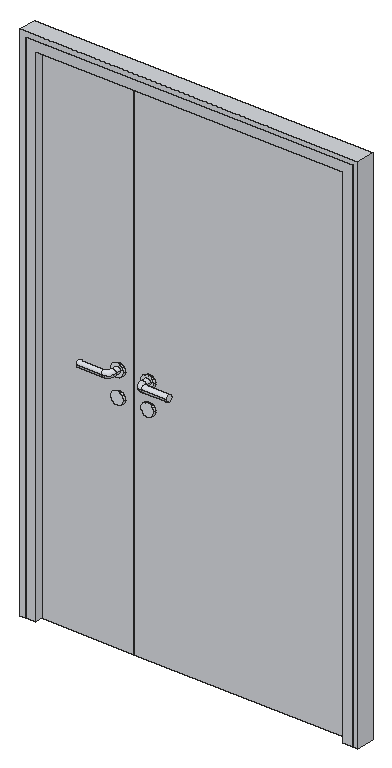
Revit family "AC_Дверь_Двупольная_Стальная", category Двери, Revit 2021
Family settings
  Основа = Стена
  Номер OmniClass = 23.30.10.00
  Заголовок OmniClass = Doors
  Всегда вертикально = Да
  При загрузке вырезать с полостями = Нет
  Общий = Нет
  Точка принадлежности помещению = Нет
Parameters (values of type "Дверь_ПП_EI60_Двупольная_Прг_Стальная_1310х2100 Л")
  Четверт_Высота [instance] = 40 mm
  Четверть [instance] = no
  Четверть_Сверху [instance] = if(Четверть, Четверт_Высота, 0 mm)  # 0 mm
  Четверть_Сбоку [instance] = if(Четверть, Четверть_Ширина, 0 mm)  # 0 mm
  Четверть_Ширина [instance] = 40 mm
  Функция = 1
  Угол плане 30 [instance] = yes
  Тип полотна двери 2 = АС-Полотно : Глухое
  Тип полотна двери 1 = АС-Полотно : Глухое
  Ручка полотна 2 = yes
  Ручка полотна 1 = yes
  Ручка двери = none
  Рама двери2_Ширина справа = 150 mm
  Рама двери2_Ширина слева = 150 mm
  Рама двери2_Ширина внизу = 300 mm
  Рама двери2_Ширина вверху = 150 mm
  Рама двери1_Ширина справа = 150 mm
  Рама двери1_Ширина слева = 150 mm
  Рама двери1_Ширина внизу = 300 mm
  Рама двери1_Ширина вверху = 150 mm
  Рама двери = none
  Равные полотна = no
  Полотно2_Ширина = Rough Width - Полотно1_Размер - Коробка_Ширина * 2  # 380 mm
  Полотна_Высота = Rough Height - Коробка_Ширина  # 2050 mm
  Полотно1_Ширина = 870 mm
  Полотно1_Размер = if(Равные полотна, Полотна_Ширина / 2, Полотно1_Ширина)  # 870 mm
  Полотна_Ширина = Rough Width - Коробка_Ширина * 2  # 1250 mm
  Определить тепловые свойства по = 1
  Огнестойкость = "EI60"
  Аналитическая конструкция = "<Нет>"
  ADSK_Обозначение = "по типу серии 1.036.2-3.02"
  Наличник двери = none
  ADSK_Наименование = "ДМП0-Пульс-01/03 2070(В)х1310(Ш), Дв"
  Монтажный зазор_Верх [instance] = 20 mm
  Коробка_Ширина = 30 mm
  Коробка_Толщина = 70 mm
  Полотно двери = none
  Остекление двери = none
  Наличник_Ширина [instance] = 60 mm
  Наличник_Толщина [instance] = 10 mm
  Наличник снаружи [instance] = no
  Наличник внутри [instance] = no
  Монтажный зазор_Справа и Слева [instance] = 20 mm
  Вставка(Четверть.Глубина) [instance] = 0 mm
  Инструкция по семейству [instance] = ""
  Огибание наружных слоев [instance] = 0 mm
  Width [instance] = Rough Width + Монтажный зазор_Справа и Слева * 2  # 1350 mm
  Thickness = 40 mm
  Rough Width = 1310 mm
  Rough Height = 2080 mm
  Группа модели = "Дверь"
  Manufacturer = ""
  Описание = (empty or 0)
  Height [instance] = Rough Height + Монтажный зазор_Верх  # 2100 mm
  Description = "Дверь стальная наружная"
  Тип конструкций = "Дверь стальная"
  ADSK_Этаж [instance] = ""
  ADSK_Толщина стены [instance] = 600 mm
  ADSK_Примечание [instance] = ""
  ADSK_Предел огнестойкости = ""
  ADSK_Позиция [instance] = ""
  ADSK_Открывание = if(Равные полотна, "Равные полотна", if(Полотно1_Ширина > Полотно2_Ширина, "Левая", "Правая"))  # "Левая"
  ADSK_Откосы_Глубина [instance] = 530 mm
  ADSK_Наименование краткое = ""
  ADSK_Масса_Текст = ""
  ADSK_Количество [instance] = 0
  ADSK_Код изделия = ""
  ADSK_Зона [instance] = ""
  ADSK_Завод-изготовитель = ""
  ADSK_Единица измерения = ""
  ADSK_Группирование [instance] = ""
  ADSK_Версия Revit = "v2019"  # constant formula
  ADSK_URL страницы изделия = ""
  ADSK_URL документации изделия = ""
Types (2, lengths in mm): name | Полотно2_Ширина | Полотно1_Ширина | Полотно1_Размер | ADSK_Открывание
  Дверь_ПП_EI60_Двупольная_Прг_Стальная_1310х2100 Л | 380 | 870 | 870 | "Левая"
  Дверь_ПП_EI60_Двупольная_Прг_Стальная_1310х2100 | 870 | 380 | 380 | "Правая"
Reference planes
  plane 1: y = 0
  plane 2 "По центру (Влево/Вправо)": x = 0
  plane 3 "Слева": x = -675
  plane 4 "Справа": x = 675
  plane 5: z = 2100
  plane 6 "Наружный": y = 300
  plane 7 "Внутренние": y = -300
  plane 8 "Вставка двери": y = 300
  plane 9 "Четверть слева": x = -675
  plane 10 "Четверть справа": x = 675
  plane 11 "Четверть сверху": z = 2100
  plane 12 "Полотно двери": y = 260
  plane 13 "Рама внутри": y = 230
  plane 14 "Монтажный зазор слева": x = -655
  plane 15 "Монтажный зазор справа": x = 655
  plane 16 "Монтажный зазор сверху": z = 2080
  plane 17 "Глубина огибания наружного слоя": y = 300
  plane 18: y = 310
  plane 19: x = 665
  plane 20: y = -310
  plane 21: x = -665
  plane 22: x = -625
  plane 23: x = 625
  plane 24: z = 1025
  plane 25 "Верх полотна": z = 2050
  plane 26 "Разделение полотен": x = -245
Forms (mm)
  Extrusion 1, void
    sketch origin (0, 0, 0) x (1, 0, 0) y (0, 1, 0)
      loop
        line (675, 300) -> (-675, 300) -> (-675, -800) -> (675, -800) -> (675, 300)
    from 0 to 2100
  Extrusion 2, void
    sketch origin (0, 0, 0) x (1, 0, 0) y (0, 1, 0)
      loop
        line (675, 800) -> (-675, 800) -> (-675, 300) -> (675, 300) -> (675, 800)
    from 0 to 2100
  Sweep 3, solid, material <- "Наличник двери", visible <- "Наличник снаружи", detail levels fine
    path origin (0, 300, 0) x (1, 0, 0) y (0, 0, 1)
      loop
        line (-675, 0) -> (-675, 2100) -> (675, 2100) -> (675, 0)
    profile origin (-675, 300, 1050) x (-1, 0, 0) y (0, -1, 0)
      loop
        line (-10, 0) -> (-10, -5)
        arc (-10, -5) -> (-8.536, -8.536) -> (-5, -10) r 5
        line (-5, -10) -> (45, -10)
        arc (45, -10) -> (48.536, -8.536) -> (50, -5) r 5
        line (50, -5) -> (50, 0) -> (-10, 0)
  Sweep 4, solid, material <- "Наличник двери", visible <- "Наличник внутри", detail levels fine
    path origin (0, -300, 0) x (1, 0, 0) y (0, 0, 1)
      loop
        line (-675, 0) -> (-675, 2100) -> (675, 2100) -> (675, 0)
    profile origin (-675, -300, 1050) x (-1, 0, 0) y (0, -1, 0)
      loop
        line (-20, 0) -> (40, 0) -> (40, 5)
        arc (40, 5) -> (38.536, 8.536) -> (35, 10) r 5
        line (35, 10) -> (-15, 10)
        arc (-15, 10) -> (-18.536, 8.536) -> (-20, 5) r 5
        line (-20, 5) -> (-20, 0)
  Sweep 5, solid, material <- "Рама двери", detail levels medium+fine
    path origin (0, 300, 0) x (-1, 0, 0) y (0, 0, 1)
      loop
        line (655, 0) -> (655, 2080) -> (-655, 2080) -> (-655, 0)
    profile origin (655, 300, 1040) x (0, 1, 0) y (-1, 0, 0)
      loop
        line (0, 0) -> (0, 30) -> (-40, 30) -> (-40, 40) -> (-70, 40) -> (-70, 0) -> (0, 0)
  Sweep 6, solid, material <- "Наличник двери", visible <- "Наличник внутри", detail levels fine
    path origin (0, 230, 0) x (-1, 0, 0) y (0, 0, 1)
      loop
        line (675, 0) -> (675, 2100) -> (-675, 2100) -> (-675, 0)
    profile origin (-675, 230, 1050) x (1, 0, 0) y (0, 1, 0)
      loop
        line (0, -535) -> (20, -535) -> (20, 0) -> (0, 0) -> (0, -535)
  Sweep 7, solid, material <- "Наличник двери", visible <- "Наличник снаружи", detail levels fine
    path origin (0, 300, 0) x (-1, 0, 0) y (0, 0, 1)
      loop
        line (675, 0) -> (675, 2100) -> (-675, 2100) -> (-675, 0)
    profile origin (675, 300, 1050) x (0, 1, 0) y (-1, 0, 0)
      loop
        line (5, 0) -> (5, 10) -> (0, 10) -> (0, 0) -> (5, 0)
  Extrusion 8, solid, material <- "Рама двери", detail levels medium+fine
    sketch origin (-2514.822, 300, 1200) x (-1, 0, 0) y (0, 0, 1)
      loop
        line (-3189.822, 900) -> (-3189.822, -1200) -> (-3169.822, -1200) -> (-3169.822, 880) -> (-1859.822, 880) -> (-1859.822, -1200) -> (-1839.822, -1200) -> (-1839.822, 900) -> (-3189.822, 900)
    from 0 to -70
  Extrusion 9, solid, material <- "Полотно двери", detail levels coarse
    sketch origin (0, 0, 0) x (1, 0, 0) y (0, 1, 0)
      loop
        line (-675, 300) -> (-675, 230) -> (675, 230) -> (675, 300) -> (-675, 300)
    from 0 to 2100
Cuts and joins
  joined: Sweep 4, Sweep 6
  joined: Sweep 3, Sweep 7
Lines and regions (mm)
  Masking region 1, detail levels fine
    outline origin (0, 0, 0) x (0, 1, 0) y (0, 0, 1)
      loop
        line (230, 2040) -> (260, 2040) -> (260, 2050) -> (300, 2050) -> (300, 2080) -> (230, 2080) -> (230, 2040)
  Masking region 2, detail levels fine
    outline origin (0, 0, 0) x (0, 1, 0) y (0, 0, 1)
      loop
        line (300, 2080) -> (300, 2100) -> (230, 2100) -> (230, 2080) -> (300, 2080)
  Masking region 3, detail levels fine
    outline origin (0, 0, 0) x (0, 1, 0) y (0, 0, 1)
      loop
        line (300, 0) -> (300, 2050) -> (260, 2050) -> (260, 0) -> (300, 0)
  Masking region 4, detail levels fine
    outline origin (0, 0, 0) x (0, 1, 0) y (0, 0, 1)
      loop
        line (230, 2040) -> (230, 0) -> (260, 0) -> (260, 2040) -> (230, 2040)
  Masking region 5, detail levels coarse+medium
    outline origin (0, 0, 0) x (0, 1, 0) y (0, 0, 1)
      loop
        line (300, 0) -> (300, 2100) -> (230, 2100) -> (230, 0) -> (300, 0)
  symbolic lines, style "Открывание", detail levels medium+fine
    curve 1: line (-625, 300, 0) -> (-245, 300, 1025)
    curve 2: line (-245, 300, 1025) -> (-625, 300, 2050)
    curve 3: line (625, 300, 0) -> (-245, 300, 1025)
    curve 4: line (-245, 300, 1025) -> (625, 300, 2050)
Text (mm)
  text "Наружный" at (-2295.016, 1099.543, 0), in view "Опорный уровень "
  text "Наружный" at (0, 1615.38, 3698.081), in view "Слева"
  text "Наружный" at (0, 1036.032, 3874.932), in view "Справа"
Dimensions and locks
  equal spacing: plane 14 "Монтажный зазор слева", plane 2 "По центру (Влево/Вправо)", plane 15 "Монтажный зазор справа"
  "Width": plane 3 "Слева" to plane 4 "Справа"
  "Rough Height": host wall to plane 16 "Монтажный зазор сверху"
  "Height": host wall to plane 5
  locked: plane 6 "Наружный" to host wall
  locked: plane 7 "Внутренние" to host wall
  locked: Extrusion 1 sketch curve to plane 7 "Внутренние" at 500
  "Четверть_Сбоку": plane 3 "Слева" to plane 9 "Четверть слева"
  "Четверть_Сбоку": plane 10 "Четверть справа" to plane 4 "Справа"
  "Четверть_Сверху": plane 11 "Четверть сверху" to plane 5
  locked: plane 6 "Наружный" to Extrusion 2 sketch curve at 500
  "Вставка(Четверть.Глубина)": plane 6 "Наружный" to plane 8 "Вставка двери"
  "Наличник_Ширина": Sweep 3 sketch curve to plane 21
  "Коробка_Толщина": plane 8 "Вставка двери" to plane 13 "Рама внутри"
  "Thickness": plane 8 "Вставка двери" to plane 12 "Полотно двери"
  "Огибание наружных слоев": plane 6 "Наружный" to plane 17 "Глубина огибания наружного слоя"
  "Наличник_Ширина": Sweep 4 sketch curve to Sweep 4 sketch curve
  locked: Sweep 4 sketch curve to Sweep 4 sketch curve at 5  (x4)
  locked: Sweep 3 sketch curve to Sweep 3 sketch curve at 5
  "Коробка_Ширина": Sweep 5 sketch curve to profile plane
  locked: Sweep 5 sketch curve to Sweep 5 sketch curve at 10
  locked: Sweep 6 sketch curve to plane 20 at 5
  "Наличник_Толщина": plane 7 "Внутренние" to plane 20
  "Наличник_Толщина": plane 18 to plane 6 "Наружный"
  "Наличник_Толщина": plane 9 "Четверть слева" to plane 21
  "Наличник_Толщина": plane 19 to plane 10 "Четверть справа"
  locked: plane 18 to Sweep 3 sketch curve at 5  (x2)
  locked: Sweep 3 sketch curve to plane 21 at 5
  locked: plane 18 to Sweep 7 sketch curve at 5
  "ADSK_Откосы_Глубина": plane 7 "Внутренние" to plane 13 "Рама внутри"
  equal spacing: plane 3 "Слева", plane 2 "По центру (Влево/Вправо)", plane 4 "Справа"
  "Rough Width": plane 14 "Монтажный зазор слева" to plane 15 "Монтажный зазор справа"
  "Коробка_Ширина": plane 14 "Монтажный зазор слева" to plane 22
  "Коробка_Ширина": plane 23 to plane 15 "Монтажный зазор справа"
  equal spacing: level, plane 24, plane 25 "Верх полотна"
  "Коробка_Ширина": plane 25 "Верх полотна" to plane 16 "Монтажный зазор сверху"
  "Полотно1_Размер": plane 26 "Разделение полотен" to plane 23
  "ADSK_Толщина стены": host wall to host wall
  aligned and locked: plane 1 to host wall
  aligned and locked: plane 8 "Вставка двери" to Extrusion 1 sketch curve
  aligned and locked: plane 3 "Слева" to Extrusion 1 sketch curve
  aligned and locked: Extrusion 1 sketch curve to plane 4 "Справа"
  aligned and locked: Extrusion 1 to level
  aligned and locked: Extrusion 1 to plane 5
  aligned and locked: Extrusion 2 sketch curve to plane 8 "Вставка двери"
  aligned and locked: plane 10 "Четверть справа" to Extrusion 2 sketch curve
  aligned and locked: Extrusion 2 sketch curve to plane 9 "Четверть слева"
  aligned and locked: Extrusion 2 to level
  aligned and locked: plane 11 "Четверть сверху" to Extrusion 2
  aligned and locked: plane 9 "Четверть слева" to Sweep 3 sketch curve
  aligned and locked: plane 11 "Четверть сверху" to Sweep 3 sketch curve
  aligned and locked: plane 10 "Четверть справа" to Sweep 3 sketch curve
  aligned and locked: Sweep 4 sketch curve to plane 3 "Слева"
  aligned and locked: Sweep 4 sketch curve to plane 5
  aligned and locked: Sweep 4 sketch curve to plane 4 "Справа"
  aligned and locked: level to Sweep 4 sketch curve  (x2)
  aligned and locked: Sweep 4 sketch curve to plane 7 "Внутренние"
  aligned and locked: Sweep 5 sketch curve to plane 15 "Монтажный зазор справа"
  aligned and locked: Sweep 5 sketch curve to plane 16 "Монтажный зазор сверху"
  aligned and locked: Sweep 5 sketch curve to plane 14 "Монтажный зазор слева"
  aligned and locked: level to Sweep 5 sketch curve  (x2)
  aligned and locked: profile plane to Sweep 5 sketch curve
  aligned and locked: plane 13 "Рама внутри" to Sweep 5 sketch curve
  aligned and locked: plane 8 "Вставка двери" to Sweep 5 sketch curve
  aligned and locked: plane 12 "Полотно двери" to Sweep 5 sketch curve
  aligned and locked: Sweep 4 sketch curve to plane 14 "Монтажный зазор слева"
  aligned and locked: plane 3 "Слева" to Sweep 6 sketch curve
  aligned and locked: plane 5 to Sweep 6 sketch curve
  aligned and locked: plane 4 "Справа" to Sweep 6 sketch curve
  aligned and locked: level to Sweep 6 sketch curve  (x2)
  aligned and locked: Sweep 6 sketch curve to plane 3 "Слева"
  aligned and locked: Sweep 6 sketch curve to plane 14 "Монтажный зазор слева"
  aligned and locked: Sweep 6 sketch curve to plane 13 "Рама внутри"
  aligned and locked: profile plane to Sweep 3 sketch curve
  aligned and locked: level to Sweep 7 sketch curve  (x2)
  aligned and locked: Sweep 7 sketch curve to plane 11 "Четверть сверху"
  aligned and locked: plane 10 "Четверть справа" to Sweep 7 sketch curve  (x2)
  aligned and locked: plane 9 "Четверть слева" to Sweep 7 sketch curve
  aligned and locked: plane 8 "Вставка двери" to Sweep 7 sketch curve
  aligned and locked: plane 20 to Sweep 4 sketch curve
  aligned and locked: plane 18 to Sweep 3 sketch curve
  aligned and locked: Sweep 7 sketch curve to plane 19
  aligned and locked: Masking region 1 sketch curve to Sweep 5  (x2)
  aligned and locked: plane 12 "Полотно двери" to Masking region 1 sketch curve
  aligned and locked: plane 13 "Рама внутри" to Masking region 1 sketch curve
  aligned and locked: plane 8 "Вставка двери" to Masking region 1 sketch curve
  aligned and locked: plane 16 "Монтажный зазор сверху" to Masking region 1 sketch curve
  aligned and locked: plane 8 "Вставка двери" to Masking region 2 sketch curve
  aligned and locked: plane 13 "Рама внутри" to Masking region 2 sketch curve
  aligned and locked: plane 16 "Монтажный зазор сверху" to Masking region 2 sketch curve
  aligned and locked: plane 5 to Masking region 2 sketch curve
  aligned and locked: plane 8 "Вставка двери" to Masking region 3 sketch curve
  aligned and locked: plane 12 "Полотно двери" to Masking region 3 sketch curve
  aligned and locked: level to Masking region 3 sketch curve
  aligned and locked: Masking region 3 sketch curve to Sweep 5
  aligned and locked: Masking region 4 sketch curve to Sweep 5
  aligned and locked: plane 13 "Рама внутри" to Masking region 4 sketch curve
  aligned and locked: plane 12 "Полотно двери" to Masking region 4 sketch curve
  aligned and locked: level to Masking region 4 sketch curve
  aligned and locked: plane 8 "Вставка двери" to Masking region 5 sketch curve
  aligned and locked: plane 13 "Рама внутри" to Masking region 5 sketch curve
  aligned and locked: plane 5 to Masking region 5 sketch curve
  aligned and locked: level to Masking region 5 sketch curve
  aligned and locked: Extrusion 8 sketch curve to plane 4 "Справа"
  aligned and locked: Extrusion 8 sketch curve to plane 3 "Слева"
  aligned and locked: Extrusion 8 sketch curve to plane 5
  aligned and locked: Extrusion 8 sketch curve to plane 16 "Монтажный зазор сверху"
  aligned and locked: Extrusion 8 sketch curve to plane 14 "Монтажный зазор слева"
  aligned and locked: Extrusion 8 sketch curve to plane 15 "Монтажный зазор справа"
  aligned and locked: Extrusion 8 sketch curve to level
  aligned and locked: Extrusion 8 to plane 13 "Рама внутри"
  aligned and locked: plane 8 "Вставка двери" to Extrusion 8
  aligned and locked: Extrusion 9 sketch curve to plane 8 "Вставка двери"
  aligned and locked: Extrusion 9 sketch curve to plane 13 "Рама внутри"
  aligned and locked: Extrusion 9 sketch curve to plane 4 "Справа"
  aligned and locked: Extrusion 9 sketch curve to plane 3 "Слева"
  aligned and locked: Extrusion 9 to level
  aligned and locked: Extrusion 9 to plane 5
  aligned and locked: curve 3 to Sweep 5
  aligned and locked: Sweep 5 to curve 1
  aligned and locked: plane 25 "Верх полотна" to curve 2
  aligned and locked: plane 25 "Верх полотна" to curve 4
  aligned and locked: level to curve 1
  aligned and locked: level to curve 3
  aligned and locked: nested 1 to plane 8 "Вставка двери"
  aligned and locked: nested 1 to plane 4 "Справа"
  aligned and locked: plane 8 "Вставка двери" to nested 2
  aligned and locked: nested 2 to plane 3 "Слева"
  aligned and locked: plane 26 "Разделение полотен" to curve 2
  aligned and locked: plane 24 to curve 1
  aligned and locked: nested 3 to plane 8 "Вставка двери"
  aligned and locked: nested 3 to plane 23
  aligned and locked: plane 26 "Разделение полотен" to nested 3
  aligned and locked: nested 4 to plane 22
  aligned and locked: plane 26 "Разделение полотен" to nested 4
  aligned and locked: nested 4 to plane 8 "Вставка двери"
  aligned and locked: nested 5 to plane 8 "Вставка двери"
  aligned and locked: plane 26 "Разделение полотен" to nested 5
  aligned and locked: plane 8 "Вставка двери" to nested 6
  aligned and locked: plane 26 "Разделение полотен" to nested 6
Automatic sketch dimensions
  Sweep 3 sketch curve to level = 0 mm  (x2)
  Extrusion 8 sketch curve to level = 0 mm
  plane 23 to curve 4 = 0 mm
  plane 22 to curve 2 = 0 mm
Nested families
  nested 1: "АС-Обозначение на плане двупольная" at (675, 300, 0), Rough Width <- "Полотно1_Размер", Монтажный зазор.Ширина сбоку <- "Монтажный зазор_Справа и Слева", Коробка.Ширина <- "Коробка_Ширина", Коробка.Толщина <- "Коробка_Толщина", Thickness <- "Thickness", Height <- "Height", type "АС-Стандарт"
    with Монтажный зазор.Ширина сбоку 20 mm, Коробка.Ширина 30 mm, Коробка.Толщина 70 mm, Width 920 mm, Thickness 40 mm, Rough Width 870 mm, Height 2100 mm
  nested 2: "АС-Обозначение на плане двупольная" at (-675, 300, 0) x (-1, 0, 0) z (0, 0, 1), Rough Width <- "Полотно2_Ширина", Монтажный зазор.Ширина сбоку <- "Монтажный зазор_Справа и Слева", Коробка.Ширина <- "Коробка_Ширина", Коробка.Толщина <- "Коробка_Толщина", Thickness <- "Thickness", Height <- "Height", type "АС-Стандарт"
    with Монтажный зазор.Ширина сбоку 20 mm, Коробка.Ширина 30 mm, Коробка.Толщина 70 mm, Width 430 mm, Thickness 40 mm, Rough Width 380 mm, Height 2100 mm
  nested 3: "АС-Полотно" at (190, 300, 0), Рама.Ширина справа <- "Рама двери1_Ширина справа", Рама.Ширина слева <- "Рама двери1_Ширина слева", Рама.Ширина внизу <- "Рама двери1_Ширина внизу", Рама.Ширина вверху <- "Рама двери1_Ширина вверху", Полотно двери.Ширина <- "Полотно1_Размер", Полотно двери.Толщина <- "Thickness", Полотно двери.Высота <- "Полотна_Высота", type <- "Тип полотна двери 1", type "Глухое"
    with Рама.Ширина справа 150 mm, Рама.Ширина слева 150 mm, Рама.Ширина внизу 300 mm, Рама.Ширина вверху 150 mm, Полотно двери.Ширина 870 mm, Полотно двери.Толщина 40 mm, Полотно двери.Высота 2050 mm
  nested 4: "АС-Полотно" at (-435, 300, 0), Рама.Ширина справа <- "Рама двери2_Ширина справа", Рама.Ширина слева <- "Рама двери2_Ширина слева", Рама.Ширина внизу <- "Рама двери2_Ширина внизу", Рама.Ширина вверху <- "Рама двери2_Ширина вверху", Полотно двери.Ширина <- "Полотно2_Ширина", Полотно двери.Толщина <- "Thickness", Полотно двери.Высота <- "Полотна_Высота", type <- "Тип полотна двери 2", type "Глухое"
    with Рама.Ширина справа 150 mm, Рама.Ширина слева 150 mm, Рама.Ширина внизу 300 mm, Рама.Ширина вверху 150 mm, Полотно двери.Ширина 380 mm, Полотно двери.Толщина 40 mm, Полотно двери.Высота 2050 mm
  nested 5: "АС-Ручка двери" at (-245, 300, 0), Ручка двери <- "Ручка двери", Полотно двери.Толщина <- "Thickness", visible <- "Ручка полотна 1", type "АС-Стандарт"
    with Ручка двери none, Полотно двери.Толщина 40 mm, Отступ ручки от края 60 mm
  nested 6: "АС-Ручка двери" at (-245, 300, 0) x (-1, 0, 0) z (0, 0, 1), Ручка двери <- "Ручка двери", Полотно двери.Толщина <- "Thickness", visible <- "Ручка полотна 2", type "АС-Стандарт"
    with Ручка двери none, Полотно двери.Толщина 40 mm, Отступ ручки от края 60 mm
Definition of nested family "АС-Полотно"
  Parameters
    Фурнитура = none
    Рама.Ширина справа [instance] = 50 mm
    Рама.Ширина слева [instance] = 50 mm
    Рама.Ширина внизу [instance] = 50 mm
    Рама.Ширина вверху [instance] = 50 mm
    Остекленное = not(Глухое)  # no
    Полотно двери.Ширина [instance] = 1000 mm
    Полотно двери.Толщина [instance] = 40 mm
    Полотно двери.Высота [instance] = 2100 mm
    Полотно двери = none
    Глухое = yes
    Остекление двери = none
    Default Elevation = 0 mm
  Reference planes
    plane 1 "Center (Front/Back)": y = 0
    plane 2: z = 0
    plane 3 "Center (Left/Right)": x = 0
    plane 4: x = -500
    plane 5: x = 500
    plane 6 "Back": y = -40
    plane 7: z = 2100
    plane 8 "Остекление снаружи": y = -8
    plane 9 "Остекление внутри": y = -32
    plane 10 "Ширина рамы справа": x = -450
    plane 11 "Ширина рамы слева": x = 450
    plane 12 "Ширина рамы внизу": z = 50
    plane 13 "Ширина рамы вверху": z = 2050
  Forms (mm)
    Extrusion 1, solid, material <- "Полотно двери", visible <- "Глухое", detail levels medium+fine
      sketch origin (0, 0, 0) x (1, 0, 0) y (0, 0, 1)
        loop
          line (-500, 2100) -> (-500, 0) -> (500, 0) -> (500, 2100) -> (-500, 2100)
      from 0 to 40 <- "Полотно двери.Толщина"
    Extrusion 2, solid, material <- "Полотно двери", visible <- "Остекленное", detail levels medium+fine
      sketch origin (0, 0, 0) x (1, 0, 0) y (0, 0, 1)
        loop
          line (-500, 2100) -> (-500, 0) -> (500, 0) -> (500, 2100) -> (-500, 2100)
        loop
          line (-450, 50) -> (450, 50) -> (450, 2050) -> (-450, 2050) -> (-450, 50)
      from 0 to 40
    Extrusion 3, solid, material <- "Остекление двери", visible <- "Остекленное", detail levels medium+fine
      sketch origin (-646.608, -8, 1200) x (-1, 0, 0) y (0, 0, 1)
        loop
          line (-196.608, 850) -> (-1096.608, 850) -> (-1096.608, -1150) -> (-196.608, -1150) -> (-196.608, 850)
      from 0 to -24
  Dimensions and locks
    "Полотно двери.Толщина": plane 1 "Center (Front/Back)" to plane 6 "Back"
    equal spacing: plane 4, plane 3 "Center (Left/Right)", plane 5
    "Полотно двери.Ширина": plane 4 to plane 5
    "Полотно двери.Высота": plane 7 to plane 2
    locked: plane 9 "Остекление внутри" to plane 6 "Back" at 8
    locked: plane 1 "Center (Front/Back)" to plane 8 "Остекление снаружи" at 8
    "Рама.Ширина вверху": plane 7 to plane 13 "Ширина рамы вверху"
    "Рама.Ширина внизу": plane 12 "Ширина рамы внизу" to plane 2
    "Рама.Ширина справа": plane 5 to plane 11 "Ширина рамы слева"
    "Рама.Ширина слева": plane 10 "Ширина рамы справа" to plane 4
    plane 7 to plane 2 = 2100 mm
    aligned and locked: level to plane 2
    aligned and locked: Extrusion 1 sketch curve to plane 7
    aligned and locked: plane 4 to Extrusion 1 sketch curve
    aligned and locked: plane 2 to Extrusion 1 sketch curve
    aligned and locked: Extrusion 1 sketch curve to plane 5
    aligned and locked: Extrusion 1 to plane 1 "Center (Front/Back)"
    aligned and locked: Extrusion 1 to plane 6 "Back"
    aligned and locked: Extrusion 2 sketch curve to plane 4
    aligned and locked: Extrusion 2 sketch curve to plane 5
    aligned and locked: Extrusion 2 sketch curve to plane 7
    aligned and locked: Extrusion 2 sketch curve to plane 2
    aligned and locked: Extrusion 2 sketch curve to plane 12 "Ширина рамы внизу"
    aligned and locked: Extrusion 2 sketch curve to plane 10 "Ширина рамы справа"
    aligned and locked: Extrusion 2 sketch curve to plane 11 "Ширина рамы слева"
    aligned and locked: Extrusion 2 sketch curve to plane 13 "Ширина рамы вверху"
    aligned and locked: Extrusion 2 to plane 1 "Center (Front/Back)"
    aligned and locked: Extrusion 2 to plane 6 "Back"
    aligned and locked: plane 10 "Ширина рамы справа" to Extrusion 3 sketch curve
    aligned and locked: plane 11 "Ширина рамы слева" to Extrusion 3 sketch curve
    aligned and locked: plane 13 "Ширина рамы вверху" to Extrusion 3 sketch curve
    aligned and locked: plane 12 "Ширина рамы внизу" to Extrusion 3 sketch curve
    aligned and locked: Extrusion 3 to plane 8 "Остекление снаружи"
    aligned and locked: Extrusion 3 to plane 9 "Остекление внутри"
    aligned and locked: plane 7 to Extrusion 2
    aligned and locked: plane 4 to Extrusion 2
Definition of nested family "АС-Ручка двери"
  Parameters
    Ручка двери [instance] = none
    Полотно двери.Толщина [instance] = 40 mm
    Отступ ручки от края = 100 mm
    Высота расположения ручки = 1000 mm
    Default Elevation = 0 mm
  Reference planes
    plane 1 "Наружная сторона полотна": y = 0
    plane 2: z = 0
    plane 3 "Край полотна": x = 0
    plane 4 "Вертикаль расположения": x = 100
    plane 5 "Горизонталь расположения": z = 1000
    plane 6 "Внутренняя сторона полотна": y = -40
  Forms (mm)
    Sweep 1, solid, material <- "Ручка двери", detail levels fine
      path origin (0, 0, 1000) x (1, 0, 0) y (0, 1, 0)
        loop
          line (220, 50) -> (120, 50)
          arc (120, 50) -> (105.858, 44.142) -> (100, 30) r 20
          line (100, 30) -> (100, -70)
          arc (100, -70) -> (105.858, -84.142) -> (120, -90) r 20
          line (120, -90) -> (220, -90)
      profile origin (100, -20, 1000) x (1, 0, 0) y (0, 0, 1)
        loop
          circle (0, 0) r 12
    Extrusion 2, solid, material <- "Ручка двери", detail levels fine
      sketch origin (155, 0, 0) x (1, 0, 0) y (0, 0, 1)
        loop
          circle (-55, 1000) r 25
      from 48 to -8
    Extrusion 3, solid, material <- "Ручка двери", detail levels fine
      sketch origin (0, 0, 0) x (1, 0, 0) y (0, 0, 1)
        loop
          circle (100, 900) r 25
      from 48 to -8
  Cuts and joins
    joined: Sweep 1, Extrusion 2
  Dimensions and locks
    "Отступ ручки от края": plane 3 "Край полотна" to plane 4 "Вертикаль расположения"
    "Высота расположения ручки": plane 5 "Горизонталь расположения" to level
    "Полотно двери.Толщина": plane 1 "Наружная сторона полотна" to plane 6 "Внутренняя сторона полотна"
    locked: plane 1 "Наружная сторона полотна" to Extrusion 3 at 8
    locked: plane 1 "Наружная сторона полотна" to Extrusion 2 at 8
    locked: plane 6 "Внутренняя сторона полотна" to Extrusion 3 at 8
    locked: plane 6 "Внутренняя сторона полотна" to Extrusion 2 at 8
    locked: plane 4 "Вертикаль расположения" to Extrusion 2 sketch curve at 0
    locked: plane 5 "Горизонталь расположения" to Extrusion 2 sketch curve at 0
    locked: Extrusion 3 sketch curve to plane 5 "Горизонталь расположения" at 100
    locked: Extrusion 3 sketch curve to plane 4 "Вертикаль расположения"
    locked: plane 1 "Наружная сторона полотна" to Sweep 1 sketch curve at 50
    locked: plane 6 "Внутренняя сторона полотна" to Sweep 1 sketch curve at 50
    locked: plane 4 "Вертикаль расположения" to Sweep 1 sketch curve at 120  (x2)
    locked: Sweep 1 sketch curve to plane 5 "Горизонталь расположения"
    locked: plane 4 "Вертикаль расположения" to Sweep 1 sketch curve at 0
    aligned and locked: Sweep 1 sketch curve to plane 4 "Вертикаль расположения"
  Automatic sketch dimensions
    plane 4 "Вертикаль расположения" to Sweep 1 sketch curve = 20 mm  (x2)
    radius of Sweep 1 sketch curve = 12 mm
    radius of Extrusion 2 sketch curve = 25 mm
    radius of Extrusion 3 sketch curve = 25 mm
Definition of nested family "АС-Обозначение на плане двупольная"
  Parameters
    Открывание двери 90 = not(Открывание двери 30)  # no
    Открывание двери 30 = yes
    Монтажный зазор.Ширина сбоку [instance] = 20 mm
    Линия открывания (дуга) = not(Открывание двери 30)  # no
    Коробка.Ширина [instance] = 40 mm
    Коробка.Толщина [instance] = 80 mm
    Width [instance] = Rough Width + Коробка.Ширина + Монтажный зазор.Ширина сбоку  # 960 mm
    Thickness [instance] = 40 mm
    Rough Width [instance] = 900 mm
    Height [instance] = 2100 mm
    Default Elevation = 0 mm
  Reference planes
    plane 1 "Center (Front/Back)": y = 0
    plane 2: z = 0
    plane 3 "Center (Left/Right)": x = 0
    plane 4 "Полотно справа": x = -20
    plane 5 "Полотно. Внутренняя сторона": y = -40
    plane 6 "Коробка. Внутренняя сторона": y = -80
    plane 7 "Коробка.Внутренняя сторона слева": x = -960
    plane 8 "Коробка. Внутренняя сторона справа": x = -60
  Lines and regions (mm)
    Masking region 1, detail levels fine
      outline origin (0, 0, 0) x (1, 0, 0) y (0, 1, 0)
        loop
          line (0, -80) -> (0, 0) -> (-20, 0) -> (-20, -80) -> (0, -80)
    Masking region 2, detail levels fine
      outline origin (0, 0, 0) x (1, 0, 0) y (0, 1, 0)
        loop
          line (-20, 0) -> (-60, 0) -> (-60, -40) -> (-70, -40) -> (-70, -80) -> (-20, -80) -> (-20, 0)
    Masking region 3, visible <- "Открывание двери 90", detail levels fine
      outline origin (0, 0, 0) x (1, 0, 0) y (0, 1, 0)
        loop
          line (-60, 0) -> (-60, 900) -> (-100, 900) -> (-100, 0) -> (-60, 0)
    Masking region 4, visible <- "Открывание двери 30", detail levels fine
      outline origin (0, 0, 0) x (1, 0, 0) y (0, 1, 0)
        loop
          line (-60, 0) -> (-839.423, 450) -> (-859.423, 415.359) -> (-80, -34.641) -> (-60, 0)
    symbolic lines, visible <- "Открывание двери 30", detail levels coarse+medium
      curve 1: line (0, 0, 0) -> (-831.384, 480, 0)
    symbolic lines, visible <- "Открывание двери 90", detail levels coarse+medium
      curve 2: line (0, 0, 0) -> (0, 960, 0)
    symbolic lines, visible <- "Линия открывания (дуга)", detail levels coarse+medium
      curve 3: arc (0, 960, 0) -> (-678.823, 678.823, 0) -> (-960, 0, 0) r 960
    symbolic lines, visible <- "Линия открывания (дуга)", detail levels fine
      curve 4: arc (-960, 0, 0) -> (-696.396, 636.396, 0) -> (-60, 900, 0) r 900
    model lines
      curve 5: line (0, 0, 0) -> (0, 0, 2100)
  Dimensions and locks
    "Thickness": plane 1 "Center (Front/Back)" to plane 5 "Полотно. Внутренняя сторона"
    plane 1 "Center (Front/Back)" to plane 6 "Коробка. Внутренняя сторона" = 80 mm
    "Коробка.Толщина": plane 6 "Коробка. Внутренняя сторона" to plane 1 "Center (Front/Back)"
    "Rough Width": plane 7 "Коробка.Внутренняя сторона слева" to plane 8 "Коробка. Внутренняя сторона справа"
    "Width": curve 1 to curve 1
    "Width": plane 1 "Center (Front/Back)" to curve 2
    locked: Masking region 2 sketch curve to Masking region 2 sketch curve at 10
    "Rough Width": plane 1 "Center (Front/Back)" to Masking region 3 sketch curve
    "Thickness": Masking region 3 sketch curve to plane 8 "Коробка. Внутренняя сторона справа"
    "Rough Width": Masking region 4 sketch curve to Masking region 4 sketch curve
    "Thickness": Masking region 4 sketch curve to Masking region 4 sketch curve
    "Height": curve 5 to level
    "Монтажный зазор.Ширина сбоку": plane 4 "Полотно справа" to plane 3 "Center (Left/Right)"
    "Коробка.Ширина": plane 8 "Коробка. Внутренняя сторона справа" to plane 4 "Полотно справа"
    "Width": radius of curve 3
    "Rough Width": radius of curve 4
    locked: curve 1 to plane 1 "Center (Front/Back)" (angle 30.00°)
    locked: Masking region 4 sketch curve to plane 1 "Center (Front/Back)" (angle 30.00°)
    aligned and locked: level to plane 2
    aligned and locked: plane 1 "Center (Front/Back)" to curve 2
    aligned and locked: plane 6 "Коробка. Внутренняя сторона" to Masking region 1 sketch curve
    aligned and locked: plane 1 "Center (Front/Back)" to Masking region 1 sketch curve
    aligned and locked: plane 4 "Полотно справа" to Masking region 1 sketch curve
    aligned and locked: Masking region 2 sketch curve to plane 4 "Полотно справа"
    aligned and locked: Masking region 2 sketch curve to plane 8 "Коробка. Внутренняя сторона справа"
    aligned and locked: Masking region 2 sketch curve to plane 6 "Коробка. Внутренняя сторона"
    aligned and locked: Masking region 2 sketch curve to plane 5 "Полотно. Внутренняя сторона"
    aligned and locked: Masking region 2 sketch curve to plane 1 "Center (Front/Back)"
    aligned and locked: plane 8 "Коробка. Внутренняя сторона справа" to curve 4
    aligned and locked: Masking region 2 to Masking region 3 sketch curve
    aligned and locked: Masking region 3 sketch curve to Masking region 2
    aligned and locked: plane 8 "Коробка. Внутренняя сторона справа" to Masking region 4 sketch curve
    aligned and locked: plane 2 to curve 5
    aligned and locked: plane 3 "Center (Left/Right)" to curve 5
    aligned and locked: Masking region 1 sketch curve to plane 3 "Center (Left/Right)"
    aligned and locked: plane 3 "Center (Left/Right)" to curve 2
  Automatic sketch dimensions
    plane 1 "Center (Front/Back)" to Masking region 4 sketch curve = 0 mm
Types in the file's own list only (34): name | Функция | Тип полотна двери 2 | Тип полотна двери 1 | Ручка полотна 2 | Ручка полотна 1 | Рама двери2_Ширина справа | Рама двери2_Ширина слева | Рама двери2_Ширина внизу | Рама двери2_Ширина вверху | Рама двери1_Ширина справа | Рама двери1_Ширина слева | Рама двери1_Ширина внизу | Рама двери1_Ширина вверху | Равные полотна | Полотно2_Ширина | Полотна_Высота | Полотно1_Ширина | Полотно1_Размер | Полотна_Ширина | Определить тепловые свойства по | ADSK_Наименование | Коробка_Ширина | Коробка_Толщина | Толщина | Примерная ширина | Примерная высота | Замыкание стены | Описание | ADSK_Открывание
  1260х2080h Н | Наружные слои | АС-Полотно : Глухое | АС-Полотно : Глухое | Да | Да | 150 мм | 150 мм | 300 мм | 150 мм | 150 мм | 150 мм | 300 мм | 150 мм | Да | 600 мм | 2050 мм | 650 мм | 600 мм | 1200 мм | Тип схем | "ДСН Дп Брг 2080х1260" | 30 мм | 70 мм | 40 мм | 1260 мм | 2080 мм | По основе | Дверь стальная глухая наружная | "Равные полотна"
  1360х2080h Н | Наружные слои | АС-Полотно : Глухое | АС-Полотно : Глухое | Да | Да | 150 мм | 150 мм | 300 мм | 150 мм | 150 мм | 150 мм | 300 мм | 150 мм | Да | 650 мм | 2050 мм | 650 мм | 650 мм | 1300 мм | Тип схем | "ДСН Дп Брг 2080х1360" | 30 мм | 70 мм | 40 мм | 1360 мм | 2080 мм | По основе | Дверь стальная глухая наружная | "Равные полотна"
  1360х2080h Н О | Наружные слои | АС-Полотно : Остекленное | АС-Полотно : Остекленное | Да | Да | 150 мм | 150 мм | 300 мм | 150 мм | 150 мм | 150 мм | 300 мм | 150 мм | Да | 650 мм | 2050 мм | 650 мм | 650 мм | 1300 мм | Тип схем | "ДСН Дп Брг 2080х1360" | 30 мм | 70 мм | 40 мм | 1360 мм | 2080 мм | По основе | Дверь стальная остекленная наружная | "Равные полотна"
  1360х2080h Н О Л | Наружные слои | АС-Полотно : Остекленное | АС-Полотно : Остекленное | Да | Да | 150 мм | 150 мм | 300 мм | 150 мм | 150 мм | 150 мм | 300 мм | 150 мм | Нет | 450 мм | 2050 мм | 850 мм | 850 мм | 1300 мм | Тип схем | "ДСН Дп Брг Л 2080х1360" | 30 мм | 70 мм | 40 мм | 1360 мм | 2080 мм | По основе | Дверь стальная остекленная наружная | "Левая"
  1360х2080h Н О Пр | Наружные слои | АС-Полотно : Остекленное | АС-Полотно : Остекленное | Да | Да | 150 мм | 150 мм | 300 мм | 150 мм | 150 мм | 150 мм | 300 мм | 150 мм | Нет | 850 мм | 2050 мм | 450 мм | 450 мм | 1300 мм | Тип схем | "ДСН Дп Брг Пр 2080х1360" | 30 мм | 70 мм | 40 мм | 1360 мм | 2080 мм | По основе | Дверь стальная остекленная наружная | "Правая"
  1460х2080h Н | Наружные слои | АС-Полотно : Глухое | АС-Полотно : Глухое | Да | Да | 150 мм | 150 мм | 300 мм | 150 мм | 150 мм | 150 мм | 300 мм | 150 мм | Да | 700 мм | 2050 мм | 650 мм | 700 мм | 1400 мм | Тип схем | "ДСН Дп Брг 2080х1460" | 30 мм | 70 мм | 40 мм | 1460 мм | 2080 мм | По основе | Дверь стальная глухая наружная | "Равные полотна"
  1560х2080h Н | Наружные слои | АС-Полотно : Глухое | АС-Полотно : Глухое | Да | Да | 150 мм | 150 мм | 300 мм | 150 мм | 150 мм | 150 мм | 300 мм | 150 мм | Да | 750 мм | 2050 мм | 650 мм | 750 мм | 1500 мм | Тип схем | "ДСН Дп Брг 2080х1560" | 30 мм | 70 мм | 40 мм | 1560 мм | 2080 мм | По основе | Дверь стальная глухая наружная | "Равные полотна"
  1760х2080h Н | Наружные слои | АС-Полотно : Глухое | АС-Полотно : Глухое | Да | Да | 150 мм | 150 мм | 300 мм | 150 мм | 150 мм | 150 мм | 300 мм | 150 мм | Да | 850 мм | 2050 мм | 650 мм | 850 мм | 1700 мм | Тип схем | "ДСН Дп Брг 2080х1760" | 30 мм | 70 мм | 40 мм | 1760 мм | 2080 мм | По основе | Дверь стальная глухая наружная | "Равные полотна"
  1960х2080h Н | Наружные слои | АС-Полотно : Глухое | АС-Полотно : Глухое | Да | Да | 150 мм | 150 мм | 300 мм | 150 мм | 150 мм | 150 мм | 300 мм | 150 мм | Да | 950 мм | 2050 мм | 650 мм | 950 мм | 1900 мм | Тип схем | "ДСН Дп Брг 2080х1960" | 30 мм | 70 мм | 40 мм | 1960 мм | 2080 мм | По основе | Дверь стальная глухая наружная | "Равные полотна"
  1260х2080h Вх | Наружные слои | АС-Полотно : Глухое | АС-Полотно : Глухое | Да | Да | 150 мм | 150 мм | 300 мм | 150 мм | 150 мм | 150 мм | 300 мм | 150 мм | Да | 600 мм | 2050 мм | 650 мм | 600 мм | 1200 мм | Тип схем | "ДСВх Дп Брг 2080х1260" | 30 мм | 70 мм | 40 мм | 1260 мм | 2080 мм | По основе | Дверь стальная глухая входная | "Равные полотна"
  1360х2080h Вх | Наружные слои | АС-Полотно : Глухое | АС-Полотно : Глухое | Да | Да | 150 мм | 150 мм | 300 мм | 150 мм | 150 мм | 150 мм | 300 мм | 150 мм | Да | 650 мм | 2050 мм | 650 мм | 650 мм | 1300 мм | Тип схем | "ДСВх Дп Брг 2080х1360" | 30 мм | 70 мм | 40 мм | 1360 мм | 2080 мм | По основе | Дверь стальная глухая входная | "Равные полотна"
  1360х2080h Вх О | Наружные слои | АС-Полотно : Остекленное | АС-Полотно : Остекленное | Да | Да | 150 мм | 150 мм | 300 мм | 150 мм | 150 мм | 150 мм | 300 мм | 150 мм | Да | 650 мм | 2050 мм | 650 мм | 650 мм | 1300 мм | Тип схем | "ДСВх Дп Брг 2080х1360" | 30 мм | 70 мм | 40 мм | 1360 мм | 2080 мм | По основе | Дверь стальная остекленная входная | "Равные полотна"
  1360х2080h Вх О Л | Наружные слои | АС-Полотно : Остекленное | АС-Полотно : Остекленное | Да | Да | 150 мм | 150 мм | 300 мм | 150 мм | 150 мм | 150 мм | 300 мм | 150 мм | Нет | 450 мм | 2050 мм | 850 мм | 850 мм | 1300 мм | Тип схем | "ДСВх Дп Брг Л 2080х1360" | 30 мм | 70 мм | 40 мм | 1360 мм | 2080 мм | По основе | Дверь стальная остекленная входная | "Левая"
  1360х2080h Вх О Пр | Наружные слои | АС-Полотно : Остекленное | АС-Полотно : Остекленное | Да | Да | 150 мм | 150 мм | 300 мм | 150 мм | 150 мм | 150 мм | 300 мм | 150 мм | Нет | 850 мм | 2050 мм | 450 мм | 450 мм | 1300 мм | Тип схем | "ДСВх Дп Брг Пр 2080х1360" | 30 мм | 70 мм | 40 мм | 1360 мм | 2080 мм | По основе | Дверь стальная остекленная входная | "Правая"
  1460х2080h Вх | Наружные слои | АС-Полотно : Глухое | АС-Полотно : Глухое | Да | Да | 150 мм | 150 мм | 300 мм | 150 мм | 150 мм | 150 мм | 300 мм | 150 мм | Да | 700 мм | 2050 мм | 650 мм | 700 мм | 1400 мм | Тип схем | "ДСВх Дп Брг 2080х1460" | 30 мм | 70 мм | 40 мм | 1460 мм | 2080 мм | По основе | Дверь стальная глухая входная | "Равные полотна"
  1560х2080h Вх | Наружные слои | АС-Полотно : Глухое | АС-Полотно : Глухое | Да | Да | 150 мм | 150 мм | 300 мм | 150 мм | 150 мм | 150 мм | 300 мм | 150 мм | Да | 750 мм | 2050 мм | 650 мм | 750 мм | 1500 мм | Тип схем | "ДСВх Дп Брг 2080х1560" | 30 мм | 70 мм | 40 мм | 1560 мм | 2080 мм | По основе | Дверь стальная глухая входная | "Равные полотна"
  1760х2080h Вх | Наружные слои | АС-Полотно : Глухое | АС-Полотно : Глухое | Да | Да | 150 мм | 150 мм | 300 мм | 150 мм | 150 мм | 150 мм | 300 мм | 150 мм | Да | 850 мм | 2050 мм | 650 мм | 850 мм | 1700 мм | Тип схем | "ДСВх Дп Брг 2080х1760" | 30 мм | 70 мм | 40 мм | 1760 мм | 2080 мм | По основе | Дверь стальная глухая входная | "Равные полотна"
  1960х2080h Вх | Наружные слои | АС-Полотно : Глухое | АС-Полотно : Глухое | Да | Да | 150 мм | 150 мм | 300 мм | 150 мм | 150 мм | 150 мм | 300 мм | 150 мм | Да | 950 мм | 2050 мм | 650 мм | 950 мм | 1900 мм | Тип схем | "ДСВх Дп Брг 2080х1960" | 30 мм | 70 мм | 40 мм | 1960 мм | 2080 мм | По основе | Дверь стальная глухая входная | "Равные полотна"
  1260х2080h В | Наружные слои | АС-Полотно : Глухое | АС-Полотно : Глухое | Да | Да | 150 мм | 150 мм | 300 мм | 150 мм | 150 мм | 150 мм | 300 мм | 150 мм | Да | 600 мм | 2050 мм | 650 мм | 600 мм | 1200 мм | Тип схем | "ДСВ Дп Брг 2080х1260" | 30 мм | 70 мм | 40 мм | 1260 мм | 2080 мм | По основе | Дверь стальная глухая внутренняя | "Равные полотна"
  1360х2080h В | Наружные слои | АС-Полотно : Глухое | АС-Полотно : Глухое | Да | Да | 150 мм | 150 мм | 300 мм | 150 мм | 150 мм | 150 мм | 300 мм | 150 мм | Да | 650 мм | 2050 мм | 650 мм | 650 мм | 1300 мм | Тип схем | "ДСВ Дп Брг 2080х1360" | 30 мм | 70 мм | 40 мм | 1360 мм | 2080 мм | По основе | Дверь стальная глухая внутренняя | "Равные полотна"
  1360х2080h В О | Наружные слои | АС-Полотно : Остекленное | АС-Полотно : Остекленное | Да | Да | 150 мм | 150 мм | 300 мм | 150 мм | 150 мм | 150 мм | 300 мм | 150 мм | Да | 650 мм | 2050 мм | 650 мм | 650 мм | 1300 мм | Тип схем | "ДСВ Дп Брг 2080х1360" | 30 мм | 70 мм | 40 мм | 1360 мм | 2080 мм | По основе | Дверь стальная остекленная внутренняя | "Равные полотна"
  1360х2080h В О Л | Наружные слои | АС-Полотно : Остекленное | АС-Полотно : Остекленное | Да | Да | 150 мм | 150 мм | 300 мм | 150 мм | 150 мм | 150 мм | 300 мм | 150 мм | Нет | 450 мм | 2050 мм | 850 мм | 850 мм | 1300 мм | Тип схем | "ДСВ Дп Брг Л 2080х1360" | 30 мм | 70 мм | 40 мм | 1360 мм | 2080 мм | По основе | Дверь стальная остекленная внутренняя | "Левая"
  1360х2080h В О Пр | Наружные слои | АС-Полотно : Остекленное | АС-Полотно : Остекленное | Да | Да | 150 мм | 150 мм | 300 мм | 150 мм | 150 мм | 150 мм | 300 мм | 150 мм | Нет | 850 мм | 2050 мм | 450 мм | 450 мм | 1300 мм | Тип схем | "ДСВ Дп Брг Пр 2080х1360" | 30 мм | 70 мм | 40 мм | 1360 мм | 2080 мм | По основе | Дверь стальная остекленная внутренняя | "Правая"
  1460х2080h В | Наружные слои | АС-Полотно : Глухое | АС-Полотно : Глухое | Да | Да | 150 мм | 150 мм | 300 мм | 150 мм | 150 мм | 150 мм | 300 мм | 150 мм | Да | 700 мм | 2050 мм | 650 мм | 700 мм | 1400 мм | Тип схем | "ДСВ Дп Брг 2080х1460" | 30 мм | 70 мм | 40 мм | 1460 мм | 2080 мм | По основе | Дверь стальная глухая внутренняя | "Равные полотна"
  1560х2080h В | Наружные слои | АС-Полотно : Глухое | АС-Полотно : Глухое | Да | Да | 150 мм | 150 мм | 300 мм | 150 мм | 150 мм | 150 мм | 300 мм | 150 мм | Да | 750 мм | 2050 мм | 650 мм | 750 мм | 1500 мм | Тип схем | "ДСВ Дп Брг 2080х1560" | 30 мм | 70 мм | 40 мм | 1560 мм | 2080 мм | По основе | Дверь стальная глухая внутренняя | "Равные полотна"
  1760х2080h В | Наружные слои | АС-Полотно : Глухое | АС-Полотно : Глухое | Да | Да | 150 мм | 150 мм | 300 мм | 150 мм | 150 мм | 150 мм | 300 мм | 150 мм | Да | 850 мм | 2050 мм | 650 мм | 850 мм | 1700 мм | Тип схем | "ДСВ Дп Брг 2080х1760" | 30 мм | 70 мм | 40 мм | 1760 мм | 2080 мм | По основе | Дверь стальная глухая внутренняя | "Равные полотна"
  1960х2080h В | Наружные слои | АС-Полотно : Глухое | АС-Полотно : Глухое | Да | Да | 150 мм | 150 мм | 300 мм | 150 мм | 150 мм | 150 мм | 300 мм | 150 мм | Да | 950 мм | 2050 мм | 650 мм | 950 мм | 1900 мм | Тип схем | "ДСВ Дп Брг 2080х1960" | 30 мм | 70 мм | 40 мм | 1960 мм | 2080 мм | По основе | Дверь стальная глухая внутренняя | "Равные полотна"
  1260х2080h Вв | Наружные слои | АС-Полотно : Глухое | АС-Полотно : Глухое | Да | Да | 150 мм | 150 мм | 300 мм | 150 мм | 150 мм | 150 мм | 300 мм | 150 мм | Да | 600 мм | 2050 мм | 650 мм | 600 мм | 1200 мм | Тип схем | "ДСВв Дп Брг 2080х1260" | 30 мм | 70 мм | 40 мм | 1260 мм | 2080 мм | По основе | Дверь стальная глухая внутренняя для вспомогательных помещений | "Равные полотна"
  1360х2080h Вв О | Наружные слои | АС-Полотно : Остекленное | АС-Полотно : Остекленное | Да | Да | 150 мм | 150 мм | 300 мм | 150 мм | 150 мм | 150 мм | 300 мм | 150 мм | Да | 650 мм | 2050 мм | 650 мм | 650 мм | 1300 мм | Тип схем | "ДСВв Дп Брг 2080х1360" | 30 мм | 70 мм | 40 мм | 1360 мм | 2080 мм | По основе | Дверь стальная остекленная внутренняя для вспомогательных помещений | "Равные полотна"
  1360х2080h Вв О Л | Наружные слои | АС-Полотно : Остекленное | АС-Полотно : Остекленное | Да | Да | 150 мм | 150 мм | 300 мм | 150 мм | 150 мм | 150 мм | 300 мм | 150 мм | Нет | 450 мм | 2050 мм | 850 мм | 850 мм | 1300 мм | Тип схем | "ДСВв Дп Брг Л 2080х1360" | 30 мм | 70 мм | 40 мм | 1360 мм | 2080 мм | По основе | Дверь стальная остекленная внутренняя для вспомогательных помещений | "Левая"
  1260х2080h УЗ | Наружные слои | АС-Полотно : Глухое | АС-Полотно : Глухое | Да | Да | 150 мм | 150 мм | 300 мм | 150 мм | 150 мм | 150 мм | 300 мм | 150 мм | Да | 600 мм | 2050 мм | 650 мм | 600 мм | 1200 мм | Тип схем | "ДСУЗ Дп Брг 2080х1260" | 30 мм | 70 мм | 40 мм | 1260 мм | 2080 мм | По основе | Дверь стальная глухая усиленная | "Равные полотна"
  1360х2080h УЗ | Наружные слои | АС-Полотно : Глухое | АС-Полотно : Глухое | Да | Да | 150 мм | 150 мм | 300 мм | 150 мм | 150 мм | 150 мм | 300 мм | 150 мм | Да | 650 мм | 2050 мм | 650 мм | 650 мм | 1300 мм | Тип схем | "ДСУЗ Дп Брг 2080х1360" | 30 мм | 70 мм | 40 мм | 1360 мм | 2080 мм | По основе | Дверь стальная глухая усиленная | "Равные полотна"
  1360х2080h УЗ О | Наружные слои | АС-Полотно : Остекленное | АС-Полотно : Остекленное | Да | Да | 150 мм | 150 мм | 300 мм | 150 мм | 150 мм | 150 мм | 300 мм | 150 мм | Да | 650 мм | 2050 мм | 650 мм | 650 мм | 1300 мм | Тип схем | "ДСУЗ Дп Брг 2080х1360" | 30 мм | 70 мм | 40 мм | 1360 мм | 2080 мм | По основе | Дверь стальная остекленная усиленная | "Равные полотна"
  1360х2080h УЗ О Л | Наружные слои | АС-Полотно : Остекленное | АС-Полотно : Остекленное | Да | Да | 150 мм | 150 мм | 300 мм | 150 мм | 150 мм | 150 мм | 300 мм | 150 мм | Нет | 450 мм | 2050 мм | 850 мм | 850 мм | 1300 мм | Тип схем | "ДСУЗ Дп Брг Л 2080х1360" | 30 мм | 70 мм | 40 мм | 1360 мм | 2080 мм | По основе | Дверь стальная остекленная усиленная | "Левая"
